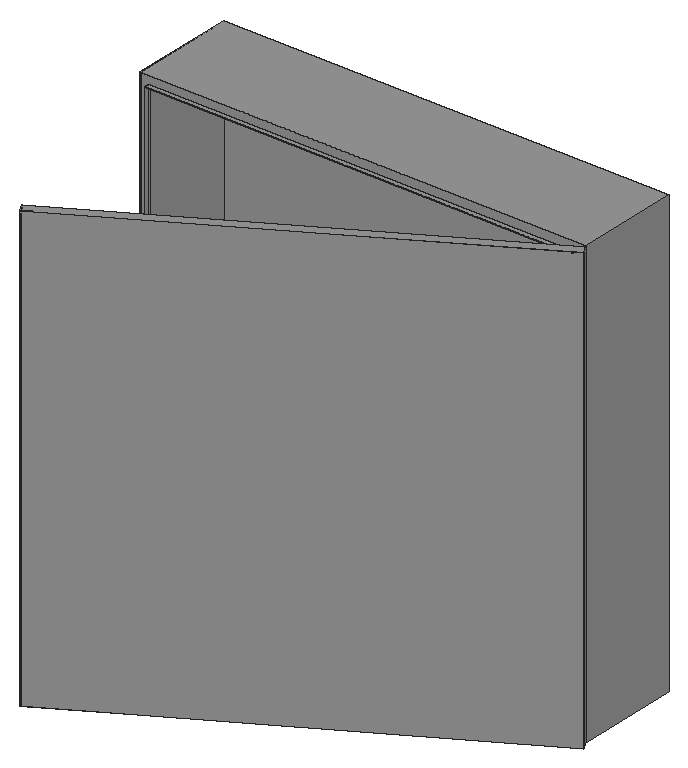
Revit family "Hager-Univers-IP54-D205-H800-Cl.II-Encl-NoHosted-CH-fr", category Electrical Equipment, Revit 2020
Family settings
  Panel Configuration = Two Columns, Circuits Across
  Round Connector Dimension = Use Diameter
  Part Type = Panelboard
  Work Plane-Based = Yes
  Always vertical = Yes
  Cut with Voids When Loaded = No
  Shared = No
  Room Calculation Point = No
Parameters (values of type "saillie IP54 L800 H800 P205  - FP53QSW")
  Width Control [instance] = if([EF000008 - largeur] > Min Width, [EF000008 - largeur], Min Width)  # 800 mm
  Type Comments = [HG000003 - Gamme]  # "Univers"
  Thickness Door [instance] = if([EF009171 - épaisseur de matériau de la porte/du couvercle] > 3 mm, 3 mm, [EF009171 - épaisseur de matériau de la porte/du couvercle])  # 1 mm
  Seal Frame Offset [instance] = 17 mm  # constant formula
  Plinth Visibility [instance] = [HG000027 - Hauteur du socle] > 0 mm  # no
  Min Width [instance] = 100 mm  # constant formula
  Min Depth [instance] = (2 * [EF009170 - épaisseur de matériau du boîtier]) + 1 mm  # 3 mm
  Min Height [instance] = 100 mm  # constant formula
  Internal Frame Depth [instance] = (Door System Depth * 0.5)  # 9 mm
  Panel Name [instance] = ""  # (empty or 0)
  Model = ""
  HG000027 - Hauteur du socle = 0 mm
  HG000026 - Installation au sol = no
  HG000024 - Hauteur de la section basse = 600 mm
  HG000023 - Armoire double section = no
  HG000016 - Visibilité de la porte 3D [instance] = yes
  HG000015 - Visibilité de l'emprise de la porte [instance] = no
  HG000014 - Porte à droite [instance] = yes
  HG000013 - Porte à gauche [instance] = not([HG000014 - Porte à droite])  # no
  HG000012 - Angle de pivotement de la porte [instance] = 30.00°
  HG000010 - Portes asymétriques = no
  HG000009 - Porte à double battant = no
  HG000006 - Encastré = no
  HG000004 - Référence fabricant = "FP53QSW"
  HG000003 - Gamme = "Univers"
  HG000002 - avec porte = yes
  Frame Offset Bottom [instance] = 10 mm  # constant formula
  Frame Offset [instance] = 15 mm  # constant formula
  EF015940 - couvercle avec décharge de pression = no
  EF011959 - degré de protection (NEMA) = ""
  EF009554 - nombre d'ouvertures pour plaques à bride = 6
  EF009212 - finition du couvercle = "EV000116 - fermé"
  EF009171 - épaisseur de matériau de la porte/du couvercle = 1 mm
  EF009170 - épaisseur de matériau du boîtier = 1 mm
  EF008873 - courant nominal (In) = 250 A
  EF007800 - adapté à un parafoudre = no
  EF006306 - avec serrure = no
  EF006244 - couvercle/porte transparent(e) = no
  EF005474 - indice de protection (IP) = "EV006419 - IP54"
  EF004464 - type de porte = "EV002646 - unique"
  EF004427 - nombre de modules = 180
  EF004293 - indice de protection contre les chocs (IK) = "EV006815 - IK09"
  EF003532 - convient pour utilisation à l’extérieur = no
  EF002950 - largeur en nombre de modules = 36
  EF001613 - maintien de fonction = "EV000494 - sans"
  EF001596 - matériau du boîtier/corps = "EV000179 - acier"
  EF001131 - profondeur intérieure = 143 mm
  EF001088 - possibilité de montage en saillie = yes
  EF000437 - nombre d'entrées de conduit = 6
  EF000339 - type de capot = "EV001012 - couvercle"
  EF000266 - nombre de rangées = 5
  EF000218 - profondeur d'encastrement = 0 mm
  EF000118 - avec cadre/support de montage = no
  EF000116 - numéro RAL = "9010"
  EF000049 - profondeur = 205 mm
  EF000040 - hauteur = 800 mm
  EF000008 - largeur = 800 mm
  EF000007 - couleur = "EV000202 - blanc"
  EF000003 - mode de pose = "EV000384 - saillie"
  Door System Leaf Tolerance [instance] = 1.5 mm  # constant formula
  Door System Depth [instance] = 18 mm  # constant formula
  Door Height [instance] = Height Control - [HG000027 - Hauteur du socle]  # 800 mm
  Description = ""
  Default Elevation = 1219.2 mm
  Connector Offset [instance] = Height Control / 2  # 400 mm
  Manufacturer = "Hager"  # constant formula
  Height Control [instance] = if([EF000040 - hauteur] > Min Height, [EF000040 - hauteur], Min Height)  # 800 mm
  Depth Control [instance] = if([EF000049 - profondeur] > Min Depth, [EF000049 - profondeur], Min Depth)  # 205 mm
  Bottom Top Plate Trim [instance] = 1.5 mm  # constant formula
  Plinth height Ctrl [instance] = if([HG000027 - Hauteur du socle] > 0 mm, [HG000027 - Hauteur du socle], 12 mm)  # 12 mm
Types (4, lengths in mm): name | Width Control | HG000004 - Référence fabricant | EF009554 - nombre d'ouvertures pour plaques à bride | EF004464 - type de porte | EF004427 - nombre de modules | EF002950 - largeur en nombre de modules | EF001131 - profondeur intérieure | EF000437 - nombre d'entrées de conduit | EF000339 - type de capot | EF000008 - largeur
  saillie IP54 L1050 H800 P205  - FP54QSW | 1050 | "FP54QSW" | 8 | "EV003602 - double" | 240 | 48 | 130 | 8 | "EV004216 - porte" | 1050
  saillie IP54 L300 H800 P205  - FP51QSW | 300 | "FP51QSW" | 2 | "EV002646 - unique" | 60 | 12 | 130 | 2 | "EV001012 - couvercle" | 300
  saillie IP54 L550 H800 P205  - FP52QSW | 550 | "FP52QSW" | 4 | "EV002646 - unique" | 120 | 24 | 143 | 4 | "EV001012 - couvercle" | 550
  saillie IP54 L800 H800 P205  - FP53QSW | 800 | "FP53QSW" | 6 | "EV002646 - unique" | 180 | 36 | 143 | 6 | "EV001012 - couvercle" | 800
Reference planes
  plane 1 "Center (Front/Back)": y = 0
  plane 2: z = 0
  plane 3 "Center (Left/Right)": x = 0
  plane 4: y = 0
  plane 5: y = 0
  plane 6: z = 0
  plane 7: x = -400
  plane 8: x = 400
  plane 9: x = 399
  plane 10: x = -399
  plane 11: z = 0
  plane 12: z = 1
  plane 13: y = -205
  plane 14: y = -1
  plane 15: x = 0
  plane 16: y = -187
  plane 17: y = -204
  plane 18: y = -186
  plane 19: x = -384
  plane 20: x = 384
  plane 21: z = 11
  plane 22: x = -383
  plane 23: x = 383
  plane 24: z = 0
  plane 25: z = 800
  plane 26: z = 800
  plane 27: z = 784
  plane 28: z = 799
Forms (mm)
  Extrusion 1, solid, material "Hager_Steel_RAL7035_Light_Grey", detail levels medium+fine
    sketch origin (-208.679, -4572, 0) x (-1, 0, 0) y (0, -1, 0)
      loop
        line (191.321, -4385) -> (-608.679, -4385) -> (-608.679, -4572) -> (191.321, -4572) -> (191.321, -4385)
    from 0 to 800
  Extrusion 2, void
    sketch origin (-350.771, -205, 1219.2) x (1, 0, 0) y (0, 0, 1)
      loop
        line (-48.229, -420.2) -> (-48.229, -1218.2) -> (749.771, -1218.2) -> (749.771, -420.2) -> (-48.229, -420.2)
    from -19 to -204
  Extrusion 3, void
    sketch origin (-290.084, -187, 1219.2) x (1, 0, 0) y (0, 0, 1)
      loop
        line (-93.916, -1208.2) -> (674.084, -1208.2) -> (674.084, -435.2) -> (-93.916, -435.2) -> (-93.916, -1208.2)
    from 0 to -1
  Extrusion 4, solid, material "Hager_Steel_RAL7035_Light_Grey", visible <- "Plinth Visibility", detail levels medium+fine
    sketch origin (0, 0, 0) x (1, 0, 0) y (0, 1, 0)
      loop
        line (-400, 0) -> (-400, -187) -> (400, -187) -> (400, 0) -> (-400, 0)
    from 0 to 12 <- "Plinth height Ctrl"
  Extrusion 5, solid, material "Hager_Steel_RAL7035_Light_Grey", detail levels coarse
    sketch origin (0, 0, 0) x (1, 0, 0) y (0, 1, 0)
      loop
        line (-400, 0) -> (-400, -205) -> (400, -205) -> (400, 0) -> (-400, 0)
    from 0 to 800 <- "Height Control"
  Sweep 6, void
    path in 3D
      loop
        line (-400, -187, 12) -> (400, -187, 12) -> (400, 0, 12) -> (-400, 0, 12) -> (-400, -187, 12)
    profile origin (-400, -93.5, 12) x (1, 0, 0) y (0, 0, 1)
      loop
        line (0, 0) -> (0, -1.5) -> (1.5, -1.5)
        arc (1.5, -1.5) -> (1.061, -0.439) -> (0, 0) r 1.5
  Extrusion 7, solid, material "Hager_Steel_RAL7035_Light_Grey", detail levels fine
    sketch origin (-400, -187, 0) x (1, 0, 0) y (0, 0, 1)
      loop
        line (16, 11) -> (784, 11) -> (784, 784) -> (16, 784) -> (16, 11)
      loop
        line (15, 10) -> (785, 10) -> (785, 785) -> (15, 785) -> (15, 10)
    from 0 to 9 <- "Internal Frame Depth"
Cuts and joins
  Extrusion 2, Extrusion 3 cuts Extrusion 1
  Sweep 6 cuts Extrusion 4
Lines and regions (mm)
  Masking region 1
    outline origin (0, 0, 0) x (1, 0, 0) y (0, 1, 0)
      loop
        line (-400, 0) -> (-400, -205) -> (400, -205) -> (400, 0) -> (-400, 0)
  Masking region 2, detail levels coarse
    outline origin (-290.084, -187, 1219.2) x (-1, 0, 0) y (0, 0, 1)
      loop
        line (-690.084, -1219.2) -> (109.916, -1219.2) -> (109.916, -419.2) -> (-690.084, -419.2) -> (-690.084, -1219.2)
  Masking region 3, detail levels coarse
    outline origin (0, 0, 0) x (0, 1, 0) y (0, 0, 1)
      loop
        line (0, 0) -> (0, 800) -> (-205, 800) -> (-205, 0) -> (0, 0)
  Masking region 4, visible <- "Plinth Visibility", detail levels medium+fine
    outline origin (0, 0, 0) x (0, 1, 0) y (0, 0, 1)
      loop
        line (-1.5, 12) -> (-185.5, 12)
        arc (-185.5, 12) -> (-185.939, 10.939) -> (-187, 10.5) r 1.5
        line (-187, 10.5) -> (-187, 0) -> (0, 0) -> (0, 10.5)
        arc (0, 10.5) -> (-1.061, 10.939) -> (-1.5, 12) r 1.5
  Masking region 5, detail levels medium+fine
    outline origin (0, 0, 594.038) x (0, 1, 0) y (0, 0, 1)
      loop
        line (0, -594.038) -> (0, 205.962) -> (-187, 205.962) -> (-187, -594.038) -> (0, -594.038)
  Masking region 6, detail levels medium+fine
    outline origin (-359.7, -187, 1211.883) x (-1, 0, 0) y (0, 0, 1)
      loop
        line (-759.7, -1211.883) -> (40.3, -1211.883) -> (40.3, -411.883) -> (-759.7, -411.883) -> (-759.7, -1211.883)
  Masking region 7, visible <- "Plinth Visibility", detail levels medium+fine
    outline origin (-320.334, -187, 1041.368) x (-1, 0, 0) y (0, 0, 1)
      loop
        line (-720.334, -1041.368) -> (79.666, -1041.368) -> (79.666, -1030.868)
        arc (79.666, -1030.868) -> (78.606, -1030.429) -> (78.166, -1029.368) r 1.5
        line (78.166, -1029.368) -> (-718.834, -1029.368)
        arc (-718.834, -1029.368) -> (-719.273, -1030.429) -> (-720.334, -1030.868) r 1.5
        line (-720.334, -1030.868) -> (-720.334, -1041.368)
  sketch lines
    curve 1: line (-400, 0, 12) -> (-400, -187, 12)
    curve 2: line (-400, -187, 12) -> (400, -187, 12)
    curve 3: line (400, 0, 12) -> (-400, 0, 12)
    curve 4: line (400, -187, 12) -> (400, 0, 12)
Dimensions and locks
  locked: plane 1 "Center (Front/Back)" to plane 5
  "EF009170 - épaisseur de matériau du boîtier": plane 7 to plane 10
  "EF009170 - épaisseur de matériau du boîtier": plane 8 to plane 9
  equal spacing: plane 7, plane 3 "Center (Left/Right)", plane 8
  "Width Control": plane 7 to plane 8
  "Depth Control": plane 4 to plane 13
  "EF009170 - épaisseur de matériau du boîtier": plane 4 to plane 14
  "Height Control": plane 25 to level
  "HG000027 - Hauteur du socle": plane 11 to level
  "EF009170 - épaisseur de matériau du boîtier": plane 12 to plane 11
  "EF009170 - épaisseur de matériau du boîtier": plane 17 to plane 13
  "EF009170 - épaisseur de matériau du boîtier": plane 18 to plane 16
  "Frame Offset Bottom": plane 21 to plane 12
  "Frame Offset": plane 10 to plane 19
  "Frame Offset": plane 9 to plane 20
  "Door System Depth": plane 16 to plane 13
  "Seal Frame Offset": plane 7 to plane 22
  "Seal Frame Offset": plane 8 to plane 23
  "EF009170 - épaisseur de matériau du boîtier": plane 26 to plane 28
  "Frame Offset": plane 28 to plane 27
  "Connector Offset": plane 2 to connector elem
  "Bottom Top Plate Trim": profile plane to Sweep 6 sketch curve
  "Bottom Top Plate Trim": Sweep 6 sketch curve to Sweep 6 sketch curve
  "Plinth height Ctrl": Masking region 4 sketch curve to level
  "Plinth height Ctrl": Masking region 7 sketch curve to level
  "Thickness Door": Extrusion 7 sketch curve to Extrusion 7 sketch curve  (x4)
  "Bottom Top Plate Trim": radius of Sweep 6 sketch curve
  "Bottom Top Plate Trim": radius of Masking region 4 sketch curve  (x2)
  "Bottom Top Plate Trim": radius of Masking region 7 sketch curve  (x2)
  aligned and locked: Extrusion 2 sketch curve to plane 12
  aligned and locked: Extrusion 2 sketch curve to plane 9
  aligned and locked: Extrusion 2 sketch curve to plane 10
  aligned and locked: Extrusion 2 to plane 14
  aligned and locked: Extrusion 1 sketch curve to plane 4
  aligned and locked: plane 8 to Extrusion 1 sketch curve
  aligned and locked: plane 7 to Extrusion 1 sketch curve
  aligned and locked: Extrusion 2 to plane 18
  aligned and locked: Extrusion 3 sketch curve to plane 19
  aligned and locked: plane 20 to Extrusion 3 sketch curve
  aligned and locked: Extrusion 3 to Extrusion 2
  aligned and locked: Extrusion 3 sketch curve to plane 21
  aligned and locked: plane 3 "Center (Left/Right)" to nested 1
  aligned and locked: Extrusion 1 sketch curve to plane 16
  aligned and locked: Extrusion 4 sketch curve to cut or joined group of Extrusion 1, Extrusion 2, Extrusion 3
  aligned and locked: Masking region 1 sketch curve to plane 7
  aligned and locked: Masking region 1 sketch curve to plane 5
  aligned and locked: Masking region 1 sketch curve to plane 8
  aligned and locked: Masking region 2 sketch curve to level
  aligned and locked: level to Masking region 3 sketch curve
  aligned and locked: plane 1 "Center (Front/Back)" to Masking region 3 sketch curve
  aligned and locked: plane 13 to Masking region 3 sketch curve
  aligned and locked: plane 5 to Masking region 4 sketch curve
  aligned and locked: Masking region 2 sketch curve to plane 8
  aligned and locked: Masking region 2 sketch curve to plane 7
  aligned and locked: plane 7 to nested 2
  aligned and locked: nested 2 to plane 5
  aligned and locked: plane 5 to Masking region 5 sketch curve
  aligned and locked: plane 26 to Masking region 5 sketch curve
  aligned and locked: Extrusion 5 sketch curve to plane 8
  aligned and locked: Extrusion 5 sketch curve to plane 7
  aligned and locked: Extrusion 5 sketch curve to plane 5
  aligned and locked: Extrusion 3 sketch curve to plane 27
  aligned and locked: Extrusion 2 sketch curve to plane 28
  aligned and locked: Masking region 2 to plane 25
  aligned and locked: Extrusion 4 to plane 16
  aligned and locked: profile plane to Sweep 6 sketch curve
  aligned and locked: Masking region 5 sketch curve to plane 24
  aligned and locked: level to Masking region 4 sketch curve
  aligned and locked: Masking region 1 to plane 13
  aligned and locked: nested 1 to plane 16
  aligned and locked: Masking region 3 to plane 25
  aligned and locked: plane 16 to Masking region 4 sketch curve
  aligned and locked: Masking region 5 sketch curve to plane 16
  aligned and locked: plane 24 to plane 11
  aligned and locked: plane 26 to plane 25
  aligned and locked: plane 26 to cut or joined group of Extrusion 1, Extrusion 2, Extrusion 3
  aligned and locked: nested 1 to plane 24
  aligned and locked: Extrusion 1 to Extrusion 3
  aligned and locked: Masking region 6 sketch curve to plane 8
  aligned and locked: Masking region 6 sketch curve to plane 24
  aligned and locked: Masking region 6 sketch curve to plane 7
  aligned and locked: Masking region 6 sketch curve to plane 26
  aligned and locked: Masking region 7 sketch curve to plane 7
  aligned and locked: level to Masking region 7 sketch curve
  aligned and locked: Masking region 7 sketch curve to plane 8
  aligned and locked: Extrusion 7 sketch curve to cut or joined group of Extrusion 1, Extrusion 2, Extrusion 3  (x4)
Automatic sketch dimensions
  plane 19 to Extrusion 3 sketch curve = 0 mm
  Extrusion 3 sketch curve to plane 20 = 0 mm
  Extrusion 3 sketch curve to plane 21 = 0 mm
  Extrusion 4 sketch curve to plane 7 = 0 mm
  Extrusion 4 sketch curve to plane 8 = 0 mm
  Extrusion 4 sketch curve to plane 16 = 0 mm
  Masking region 1 sketch curve to plane 13 = 0 mm
  Masking region 2 sketch curve to plane 25 = 0 mm
  Masking region 3 sketch curve to plane 25 = 0 mm
  Extrusion 5 sketch curve to plane 13 = 0 mm
  profile plane to Sweep 6 sketch curve = 0 mm
Nested families
  nested 1: "EC000058_Univers_Door" at (0, -187, 0), Double <- "HG000009 - Porte à double battant", Transparent <- "EF006244 - couvercle/porte transparent(e)", Angle <- "HG000012 - Angle de pivotement de la porte", Door_Right <- "HG000014 - Porte à droite", Assymetrical <- "HG000010 - Portes asymétriques", Door <- "HG000002 - avec porte", Width_Ctrl <- "Width Control", 3d_Door <- "HG000016 - Visibilité de la porte 3D", Clearance <- "HG000015 - Visibilité de l'emprise de la porte", Door_Left <- "HG000013 - Porte à gauche", Width <- "Width Control", Door_Depth <- "Door System Depth", Leaf_Tolerance <- "Door System Leaf Tolerance", Height <- "Door Height", Lock_Visibility <- "EF006306 - avec serrure", Thickness <- "Thickness Door", type "EC000058_Univers_Door", detail levels medium+fine
    with min_wh 3 mm, Width_Ctrl 800 mm, Width 800 mm, Transparent no, Thickness 1 mm, Seal_Material Hager_Rubber, Lock_Visibility no, Lock_Material Hager_Plastic_RAL9005_Jet_Black, Leaf_Width 800 mm, Leaf_Tolerance_External_Sides 0 mm, Leaf_Tolerance 1.5 mm, Leaf_Offset 0 mm, Leaf_Height 797 mm, Leaf_2_Width 800 mm, Leaf_2_Offset 400 mm, Leaf_1_Width 800 mm, Leaf_1_Offset 400 mm, Height_Ctrl 800 mm, Height 800 mm, Glass_Material Hager_Glass, Double_Clearance_Ctrl no, Double no, Door_Right_Ctrl yes, Door_Right yes, Door_Material Hager_Steel_RAL7035_Light_Grey, Door_Left_Ctrl no, Door_Left no, Door_Depth 18 mm, Door yes, Clearance_Material Hager_Clearance, Clearance_Depth 800 mm, Clearance_Ctrl no, Clearance no, Assymetrical no, Angle 30.00°, 3d_Door yes
  nested 2: "Hager_Enclosure_Symbol" at (-400, 0, 0), Height <- "Depth Control", Width <- "Width Control", type "Hager_Enclosure_Symbol"
    with Width_Ctrl 800 mm, Width 800 mm, Height_Ctrl 205 mm, Height 205 mm, A_Width_Int 13.453 mm, A_Width 161.438 mm, A_Height_Ctrl 179.375 mm, A_Height 179.375 mm
Connectors
  electrical at (0, 0, 400)
    settings: on plane 1 "Center (Front/Back)", index 1, voltage 0 V, apparent load 0 VA, apparent load phase1 0 VA, apparent load phase2 0 VA, apparent load phase3 0 VA, power factor 1, load classification "Other", number of poles 1, system type 30, power factor state 1, is connector primary yes, connector utility no, sub classification motor no, connector description ""
Definition of nested family "EC000058_Univers_Door"
  Parameters (values of type "EC000058_Univers_Door")
    min_wh [instance] = (2 * Thickness) + 1 mm  # 11 mm
    Width_Ctrl [instance] = 400 mm
    Width [instance] = 500 mm
    Transparent [instance] = yes
    Thickness [instance] = 5 mm
    Seal_Material [instance] = none
    Lock_Visibility [instance] = yes
    Lock_Material [instance] = none
    Leaf_Width [instance] = if((Width_Ctrl - 2 * Leaf_Tolerance_External_Sides) > 0 mm, (Width_Ctrl - 2 * Leaf_Tolerance_External_Sides), min_wh)  # 400 mm
    Leaf_Tolerance_External_Sides [instance] = 0 mm  # constant formula
    Leaf_Tolerance [instance] = 1.5 mm
    Leaf_Offset [instance] = 0 mm  # constant formula
    Leaf_Height [instance] = if((Height_Ctrl - 2 * Leaf_Tolerance) > 0 mm, (Height_Ctrl - 2 * Leaf_Tolerance), min_wh)  # 497 mm
    Leaf_2_Width [instance] = if(and(and(Double, Assymetrical), Door_Left), (Leaf_Width / 3) - (Leaf_Tolerance / 2), if(and(and(Double, Assymetrical), Door_Right), (Leaf_Width / 3) * 2 - (Leaf_Tolerance / 2), if(and(Double, not(Assymetrical)), (Leaf_Width / 2) - Leaf_Tolerance, Leaf_Width)))  # 400 mm
    Leaf_2_Offset [instance] = if(and(Double, Assymetrical), Leaf_2_Width / 2, if(and(Double, not(Assymetrical)), Leaf_Width / 4, Leaf_Width / 2))  # 200 mm
    Leaf_1_Width [instance] = if(and(and(Double, Assymetrical), Door_Right), (Leaf_Width / 3) - (Leaf_Tolerance / 2), if(and(and(Double, Assymetrical), Door_Left), (Width / 3) * 2 - (Leaf_Tolerance / 2), if(and(Double, not(Assymetrical)), (Leaf_Width / 2) - Leaf_Tolerance, Leaf_Width)))  # 400 mm
    Leaf_1_Offset [instance] = if(and(Double, Assymetrical), Leaf_1_Width / 2, if(and(Double, not(Assymetrical)), Leaf_Width / 4, Leaf_Width / 2))  # 200 mm
    Height_Ctrl [instance] = if(Height > min_wh, Height, min_wh)  # 500 mm
    Height [instance] = 500 mm
    Glass_Material [instance] = none
    Double_Clearance_Ctrl [instance] = and(Double, Clearance)  # no
    Double [instance] = no
    Door_Right_Ctrl [instance] = and(or(Door_Right, Double), Door)  # yes
    Door_Right [instance] = yes
    Door_Material [instance] = none
    Door_Left_Ctrl [instance] = and(or(Door_Left, Double), Door)  # no
    Door_Left [instance] = no
    Door_Depth [instance] = 30 mm
    Door [instance] = yes
    Default Elevation = 1219.2 mm
    Clearance_Material [instance] = none
    Clearance_Depth [instance] = if(Leaf_1_Width > Leaf_2_Width, Leaf_1_Width, Leaf_2_Width)  # 400 mm
    Clearance_Ctrl [instance] = and(not(Double), Clearance)  # yes
    Clearance [instance] = yes
    Assymetrical [instance] = yes
    Angle [instance] = 30.00°
    3d_Door [instance] = yes
  Reference planes
    plane 1 "Center (Front/Back)": y = 0
    plane 2 "Bottom": z = 0
    plane 3 "Center (Left/Right)": x = 0
    plane 4: z = 500
    plane 5: x = -200
    plane 6: x = 200
    plane 7: z = 500
    plane 8: x = -200
    plane 9: z = 0
    plane 10: x = 200
    plane 11: y = 0
    plane 12: z = 1.5
    plane 13: x = -600
    plane 14: y = -400
    plane 15: x = 600
    plane 16: x = 0
    plane 17: x = 0
    plane 18: x = -200
    plane 19: x = 200
    plane 20: z = 498.5
  Forms (mm)
    Extrusion 1, solid, material <- "Clearance_Material", visible <- "Double_Clearance_Ctrl"
      sketch origin (1200, 0, 0) x (1, 0, 0) y (0, 0, -1)
        loop
          line (-1800, -498.5) -> (-600, -498.5) -> (-600, 0) -> (-1800, 0) -> (-1800, -498.5)
      from 0 to -400
  Dimensions and locks
    equal spacing: plane 5, plane 3 "Center (Left/Right)", plane 6
    "Width_Ctrl": plane 5 to plane 6
    "Leaf_Offset": plane 5 to plane 8
    "Leaf_Offset": plane 6 to plane 10
    "Leaf_Offset": plane 9 to level
    "Leaf_Offset": plane 4 to plane 7
    "Height_Ctrl": plane 4 to level
    "Leaf_Tolerance": plane 12 to plane 9
    locked: plane 11 to plane 1 "Center (Front/Back)"
    "Leaf_1_Offset": plane 18 to plane 16
    "Leaf_2_Offset": plane 17 to plane 19
    "Leaf_1_Width": plane 13 to plane 8
    "Leaf_2_Width": plane 10 to plane 15
    "Clearance_Depth": plane 14 to plane 1 "Center (Front/Back)"
    "Leaf_Tolerance_External_Sides": plane 8 to plane 18
    "Leaf_Tolerance_External_Sides": plane 19 to plane 10
    "Leaf_Tolerance": plane 7 to plane 20
    aligned and locked: level to plane 2 "Bottom"
    aligned and locked: nested 1 to plane 16
    aligned and locked: nested 2 to plane 17
    aligned and locked: Extrusion 1 to plane 13
    aligned and locked: plane 15 to Extrusion 1
    aligned and locked: Extrusion 1 to plane 14
    aligned and locked: plane 12 to nested 1
    aligned and locked: nested 2 to plane 12
    aligned and locked: Extrusion 1 to plane 11
    aligned and locked: plane 20 to Extrusion 1
    aligned and locked: nested 2 to plane 11
    aligned and locked: nested 1 to plane 11
  Automatic sketch dimensions
    Extrusion 1 sketch curve to level = 0 mm
    plane 5 to Extrusion 1 sketch curve = 400 mm
    plane 6 to Extrusion 1 sketch curve = 400 mm
    Extrusion 1 sketch curve to plane 4 = 1.5 mm
  Nested families
    nested 1: "EC000058_Univers_Door_Leaf" at (0, 0, 1.5), Width <- "Leaf_1_Width", visible <- "Door_Left_Ctrl", Leaf_Height <- "Leaf_Height", Angle <- "Angle", 3d_Door <- "3d_Door", Transparent <- "Transparent", Clearance Material <- "Clearance_Material", Clearance <- "Clearance_Ctrl", Door_Material <- "Door_Material", Glass_Material <- "Glass_Material", Door_Depth <- "Door_Depth", Lock_Material <- "Lock_Material", Seal_Material <- "Seal_Material", Lock_Visibility <- "Lock_Visibility", Thickness <- "Thickness", type "EC000058_Univers_Door_Leaf"
      with Width 400 mm, Transparent_Glass_Offset 30 mm, Transparent_Ctrl yes, Transparent yes, Thickness 5 mm, Standard no, Seal_Material none, Seal_D2 8 mm, Seal_D1 1 mm, Offset_Internal_Frame 10 mm, Lock_Width 20 mm, Lock_Visibility_3d yes, Lock_Visibility yes, Lock_Thickness_3 3 mm, Lock_Thickness_2 1 mm, Lock_Thickness_1 3 mm, Lock_Radius_Offset_2 16 mm, Lock_Radius_Offset_1 15 mm, Lock_Radius_2 5 mm, Lock_Radius 6 mm, Lock_Offset 5 mm, Lock_Material none, Lock_Height 80 mm, Lock_Cover_Top_Offset_2d 17 mm, Lock_Cover_Height -65 mm, Leaf_Height 497 mm, Internal_Seal_Thickness 8 mm, Internal_Seal_Depth_2 4.5 mm, Internal_Frame_Depth 25 mm, Glass_Thickness -1 mm, Glass_Offset -2 mm, Glass_Material none, Door_Material none, Door_Depth 30 mm, Clearance Material none, Clearance yes, Angle_Ctrl 30.00°, Angle 30.00°, 3d_Door yes
    nested 2: "EC000058_Univers_Door_Leaf" at (0, 0, 1.5) x (-1, 0, 0) z (0, 0, 1), Width <- "Leaf_2_Width", visible <- "Door_Right_Ctrl", Leaf_Height <- "Leaf_Height", Angle <- "Angle", 3d_Door <- "3d_Door", Transparent <- "Transparent", Clearance Material <- "Clearance_Material", Clearance <- "Clearance_Ctrl", Door_Material <- "Door_Material", Glass_Material <- "Glass_Material", Door_Depth <- "Door_Depth", Lock_Material <- "Lock_Material", Seal_Material <- "Seal_Material", Lock_Visibility <- "Lock_Visibility", Thickness <- "Thickness", type "EC000058_Univers_Door_Leaf"
      with Width 400 mm, Transparent_Glass_Offset 30 mm, Transparent_Ctrl yes, Transparent yes, Thickness 5 mm, Standard no, Seal_Material none, Seal_D2 8 mm, Seal_D1 1 mm, Offset_Internal_Frame 10 mm, Lock_Width 20 mm, Lock_Visibility_3d yes, Lock_Visibility yes, Lock_Thickness_3 3 mm, Lock_Thickness_2 1 mm, Lock_Thickness_1 3 mm, Lock_Radius_Offset_2 16 mm, Lock_Radius_Offset_1 15 mm, Lock_Radius_2 5 mm, Lock_Radius 6 mm, Lock_Offset 5 mm, Lock_Material none, Lock_Height 80 mm, Lock_Cover_Top_Offset_2d 17 mm, Lock_Cover_Height -65 mm, Leaf_Height 497 mm, Internal_Seal_Thickness 8 mm, Internal_Seal_Depth_2 4.5 mm, Internal_Frame_Depth 25 mm, Glass_Thickness -1 mm, Glass_Offset -2 mm, Glass_Material none, Door_Material none, Door_Depth 30 mm, Clearance Material none, Clearance yes, Angle_Ctrl 30.00°, Angle 30.00°, 3d_Door yes
  Definition of nested family "EC000058_Univers_Door_Leaf"
    Parameters (values of type "EC000058_Univers_Door_Leaf")
      Width [instance] = 2000 mm
      Transparent_Glass_Offset [instance] = 30 mm
      Transparent_Ctrl [instance] = and(Transparent, [3d_Door])  # yes
      Transparent [instance] = yes
      Thickness [instance] = 5 mm
      Standard [instance] = and(not(Transparent), [3d_Door])  # no
      Seal_Material [instance] = none
      Seal_D2 [instance] = 8 mm  # constant formula
      Seal_D1 [instance] = 1 mm  # constant formula
      Offset_Internal_Frame [instance] = 10 mm  # constant formula
      Lock_Width [instance] = 20 mm  # constant formula
      Lock_Visibility_3d [instance] = and(Lock_Visibility, [3d_Door])  # yes
      Lock_Visibility [instance] = yes
      Lock_Thickness_3 [instance] = 3 mm  # constant formula
      Lock_Thickness_2 [instance] = 1 mm  # constant formula
      Lock_Thickness_1 [instance] = 3 mm  # constant formula
      Lock_Radius_Offset_2 [instance] = Lock_Radius_Offset_1 + 1 mm  # 16 mm
      Lock_Radius_Offset_1 [instance] = 15 mm  # constant formula
      Lock_Radius_2 [instance] = Lock_Radius - 1 mm  # 5 mm
      Lock_Radius [instance] = 6 mm  # constant formula
      Lock_Offset [instance] = 5 mm  # constant formula
      Lock_Material [instance] = none
      Lock_Height [instance] = 80 mm  # constant formula
      Lock_Cover_Top_Offset_2d [instance] = Lock_Radius_Offset_2 + 1 mm  # 17 mm
      Lock_Cover_Height [instance] = -(Lock_Height - Lock_Radius_Offset_1)  # -65 mm
      Leaf_Height [instance] = 2720.336 mm
      Internal_Seal_Thickness [instance] = 8 mm  # constant formula
      Internal_Seal_Depth_2 [instance] = 4.5 mm  # constant formula
      Internal_Frame_Depth [instance] = if(Door_Depth - Thickness > 5 mm, Door_Depth - Thickness, 5 mm)  # 25 mm
      Glass_Thickness [instance] = if(Thickness > 15 mm, Glass_Offset + 10 mm, -1 mm)  # -1 mm
      Glass_Offset [instance] = if(Thickness > 15 mm, -(Thickness + 10 mm) / 2, -2 mm)  # -2 mm
      Glass_Material [instance] = none
      Door_Material [instance] = none
      Door_Depth [instance] = 30 mm
      Default Elevation = 0 mm
      Clearance Material [instance] = none
      Clearance [instance] = yes
      Angle_Ctrl [instance] = if(Angle > 180.00°, 180.00°, Angle)  # 90.00°
      Angle [instance] = 90.00°
      3d_Door [instance] = yes
    Reference planes
      plane 1 "Center (Front/Back)": y = 0
      plane 2: z = 0
      plane 3 "Center (Left/Right)": x = 0
      plane 4: y = 2000
      plane 5: x = -1000
      plane 6: x = 1000
      plane 7: x = -3000
      plane 8: z = 2720.336
      plane 9: z = 30
      plane 10: z = 2690.336
      plane 11: x = 970
      plane 12: x = -970
      plane 13: y = -3
      plane 14: z = 107.833
      plane 15: y = -5
      plane 16: y = -223.314
      plane 17: x = -1000
      plane 18: z = 1360.168
      plane 19: y = 30
    Forms (mm)
      Extrusion 1, solid, material <- "Clearance Material", visible <- "Clearance"
        sketch origin (0, 0, 0) x (1, 0, 0) y (0, 0, 1)
          loop
            line (-3000, 2720.336) -> (-3000, 0) -> (1000, 0) -> (1000, 2720.336) -> (-3000, 2720.336)
        from 0 to -2000
      Extrusion 2, solid, material <- "Door_Material", visible <- "Standard", detail levels medium+fine
        sketch origin (-1000, 0, 0) x (0, 1, 0) y (-1, 0, 0)
          loop
            line (0, 30) -> (0, 25) -> (2000, 25) -> (2000, 30) -> (0, 30)
        from 0 to 2720.336 <- "Leaf_Height"
      Extrusion 3, solid, material <- "Door_Material", visible <- "Transparent_Ctrl", detail levels medium+fine
        sketch origin (-1000, 0, 0) x (0, 1, 0) y (-1, 0, 0)
          loop
            line (0, 25) -> (2000, 25) -> (2000, 30) -> (0, 30) -> (0, 25)
        from 0 to 2720.336 <- "Leaf_Height"
      Extrusion 4, void
        sketch origin (-1025, 2000, 0) x (0, 1, 0) y (0, 0, -1)
          loop
            line (-30, -2690.336) -> (-30, -30) -> (-1970, -30) -> (-1970, -2690.336) -> (-30, -2690.336)
        from 0 to 5 <- "Thickness"
      Sweep 5, solid, material <- "Seal_Material", visible <- "Transparent_Ctrl", detail levels fine
        path in 3D
          loop
            line (-1025, 30, 30) -> (-1025, 30, 2690.336) -> (-1025, 1970, 2690.336) -> (-1025, 1970, 30) -> (-1025, 30, 30)
        profile origin (-1025, 1000, 30) x (1, 0, 0) y (0, 0, 1)
          loop
            line (0, 0) -> (0, -8) -> (1, -8) -> (1, 0) -> (0, 0)
      Extrusion 6, solid, material <- "Glass_Material", visible <- "Transparent_Ctrl", detail levels medium+fine
        sketch origin (-1030, 0, 0) x (0, 1, 0) y (0, 0, -1)
          loop
            line (1970, -2690.336) -> (1970, -30) -> (30, -30) -> (30, -2690.336) -> (1970, -2690.336)
        from -2 <- "Glass_Offset" to -1 <- "Glass_Thickness"
      Extrusion 7, solid, material <- "Door_Material", visible <- "3d_Door", detail levels medium+fine
        sketch origin (-1025, 2000, 0) x (0, -1, 0) y (0, 0, -1)
          loop
            line (0, -2720.336) -> (2000, -2720.336) -> (2000, 0) -> (0, 0) -> (0, -2720.336)
          loop
            line (1995, -5) -> (5, -5) -> (5, -2715.336) -> (1995, -2715.336) -> (1995, -5)
        from 0 to 25 <- "Internal_Frame_Depth"
      Sweep 8, solid, material <- "Seal_Material", visible <- "Transparent_Ctrl", detail levels fine
        path in 3D
          loop
            line (-1025, 0, 0) -> (-1025, 2000, 0) -> (-1025, 2000, 2720.336) -> (-1025, 0, 2720.336) -> (-1025, 0, 0)
        profile origin (-1025, 0, 1360.168) x (1, 0, 0) y (0, 1, 0)
          loop
            line (0, 10) -> (2.975, 10)
            arc (2.975, 10) -> (4.053, 10.447) -> (4.5, 11.525) r 1.525
            line (4.5, 11.525) -> (4.5, 16.527)
            arc (4.5, 16.527) -> (4.069, 17.569) -> (3.027, 18) r 1.473
            line (3.027, 18) -> (0, 18) -> (0, 10)
      Extrusion 9, solid, material <- "Lock_Material", visible <- "Lock_Visibility_3d", detail levels fine
        sketch origin (-1030, 0, 0) x (0, 1, 0) y (0, 0, -1)
          loop
            arc (1993.5, -1400.168) -> (1994.561, -1399.729) -> (1995, -1398.668) r 1.5
            line (1995, -1398.668) -> (1995, -1320.168) -> (1975, -1320.168) -> (1975, -1398.668)
            arc (1975, -1398.668) -> (1975.439, -1399.729) -> (1976.5, -1400.168) r 1.5
            line (1976.5, -1400.168) -> (1993.5, -1400.168)
        from 3 <- "Lock_Thickness_1" to 0
      Blend 10, solid, material <- "Lock_Material", visible <- "Lock_Visibility_3d", detail levels fine
        base sketch origin (-1033, 0, 0) x (0, 1, 0) y (0, 0, -1)
          loop
            line (1975, -1320.168) -> (1975, -1398.668)
            arc (1975, -1398.668) -> (1975.439, -1399.729) -> (1976.5, -1400.168) r 1.5
            line (1976.5, -1400.168) -> (1993.5, -1400.168)
            arc (1993.5, -1400.168) -> (1994.561, -1399.729) -> (1995, -1398.668) r 1.5
            line (1995, -1398.668) -> (1995, -1320.168) -> (1975, -1320.168)
        top sketch origin (-1033, 0, 0) x (0, 1, 0) y (0, 0, -1)
          loop
            line (1976, -1320.168) -> (1976, -1398.668)
            arc (1976, -1398.668) -> (1976.146, -1399.022) -> (1976.5, -1399.168) r 0.5
            line (1976.5, -1399.168) -> (1993.5, -1399.168)
            arc (1993.5, -1399.168) -> (1993.854, -1399.022) -> (1994, -1398.668) r 0.5
            line (1994, -1398.668) -> (1994, -1320.168) -> (1976, -1320.168)
        from 0 to 1 <- "Lock_Thickness_2"
      Blend 11, solid, material <- "Lock_Material", visible <- "Lock_Visibility_3d", detail levels fine
        base sketch origin (-1034, 0, 0) x (0, 1, 0) y (0, 0, -1)
          loop
            line (1978, -1320.168) -> (1978, -1384.168)
            arc (1978, -1384.168) -> (1985, -1391.168) -> (1992, -1384.168) r 7
            line (1992, -1384.168) -> (1992, -1320.168) -> (1978, -1320.168)
        top sketch origin (-1034, 0, 0) x (0, 1, 0) y (0, 0, -1)
          loop
            line (1991, -1320.168) -> (1979, -1320.168) -> (1979, -1383.168)
            arc (1979, -1383.168) -> (1985, -1389.168) -> (1991, -1383.168) r 6
            line (1991, -1383.168) -> (1991, -1320.168)
        from 0 to 3 <- "Lock_Thickness_3"
      Extrusion 12, solid, material <- "Lock_Material", visible <- "Lock_Visibility_3d", detail levels fine
        sketch origin (-1030, 1975, 1320.168) x (1, 0, 0) y (0, -1, 0)
          loop
            line (-7, -19) -> (-7, -1) -> (0, -1) -> (0, 0) -> (-8, 0) -> (-8, -20) -> (0, -20) -> (0, -19) -> (-7, -19)
        from 0 to -65 <- "Lock_Cover_Height"
      Extrusion 13, void
        sketch origin (-1038, 1995, 1320.168) x (-1, 0, 0) y (0, 0, -1)
          loop
            line (-5, -65) -> (0, -65) -> (-5, -60) -> (-5, -65)
        from 0 to 20 <- "Lock_Width"
      Extrusion 14, void
        sketch origin (-1038, 1975, 1320.168) x (0, -1, 0) y (0, 0, -1)
          loop
            circle (-10, -15.995) r 6
          loop
            circle (-10, -15.995) r 5
        from 0 to 2
      Extrusion 15, solid, material <- "Lock_Material", visible <- "Lock_Visibility_3d", detail levels medium
        sketch origin (-1030, 0, 0) x (0, 1, 0) y (0, 0, -1)
          loop
            arc (1993.5, -1400.168) -> (1994.561, -1399.729) -> (1995, -1398.668) r 1.5
            line (1995, -1398.668) -> (1995, -1320.168) -> (1975, -1320.168) -> (1975, -1398.668)
            arc (1975, -1398.668) -> (1975.439, -1399.729) -> (1976.5, -1400.168) r 1.5
            line (1976.5, -1400.168) -> (1993.5, -1400.168)
        from 8 to 0
    Cuts and joins
      Extrusion 4 cuts Extrusion 3
      Extrusion 13, Extrusion 14 cuts Extrusion 9
      Extrusion 14 cuts Blend 11
      Extrusion 13, Extrusion 14 cuts Extrusion 12
      joined: Extrusion 9, Blend 10, Blend 11, Extrusion 12
      Extrusion 14 cuts Extrusion 15
    Lines and regions (mm)
      Masking region 1, visible <- "Lock_Visibility", detail levels fine
        outline origin (0, 0, 0) x (0, 1, 0) y (0, 0, 1)
          loop
            line (30, 1320.168) -> (33, 1320.168) -> (33, 1400.168) -> (30, 1400.168) -> (30, 1320.168)
      Masking region 2, visible <- "Lock_Visibility", detail levels fine
        outline origin (0, 3.143, 0) x (0, 1, 0) y (0, 0, 1)
          loop
            line (29.857, 1354.168) -> (30.857, 1354.168) -> (30.857, 1366.168) -> (29.857, 1366.168) -> (29.857, 1354.168)
      Masking region 3, detail levels medium+fine
        outline origin (0, 0, 0) x (0, 1, 0) y (0, 0, 1)
          loop
            line (0, 0) -> (30, 0) -> (30, 2720.336) -> (0, 2720.336) -> (0, 0)
      Masking region 4, detail levels medium+fine
        outline origin (0, 0, 0) x (1, 0, 0) y (0, 0, 1)
          loop
            line (-1000, 2720.336) -> (-1000, 0) -> (1000, 0) -> (1000, 2720.336) -> (-1000, 2720.336)
      Masking region 5, visible <- "Lock_Visibility", detail levels fine
        outline origin (-47.116, 0, 0) x (1, 0, 0) y (0, 0, 1)
          loop
            arc (1024.616, 1399.168) -> (1023.556, 1398.729) -> (1023.116, 1397.668) r 1.5
            line (1023.116, 1397.668) -> (1023.116, 1320.168) -> (1041.116, 1320.168) -> (1041.116, 1397.668)
            arc (1041.116, 1397.668) -> (1040.677, 1398.729) -> (1039.616, 1399.168) r 1.5
            line (1039.616, 1399.168) -> (1024.616, 1399.168)
      Masking region 6, visible <- "Lock_Visibility", detail levels medium+fine
        outline origin (-25, 0, 0) x (1, 0, 0) y (0, 0, 1)
          loop
            arc (1001.5, 1400.168) -> (1000.439, 1399.729) -> (1000, 1398.668) r 1.5
            line (1000, 1398.668) -> (1000, 1320.168) -> (1020, 1320.168) -> (1020, 1398.668)
            arc (1020, 1398.668) -> (1019.561, 1399.729) -> (1018.5, 1400.168) r 1.5
            line (1018.5, 1400.168) -> (1001.5, 1400.168)
      Masking region 7, visible <- "Lock_Visibility", detail levels fine
        outline origin (-73.735, 0, 0) x (1, 0, 0) y (0, 0, 1)
          loop
            line (1051.735, 1382.168) -> (1065.735, 1382.168) -> (1065.735, 1384.168)
            arc (1065.735, 1384.168) -> (1058.735, 1391.168) -> (1051.735, 1384.168) r 7
            line (1051.735, 1384.168) -> (1051.735, 1382.168)
      Masking region 8, visible <- "Lock_Visibility", detail levels fine
        outline origin (-73.735, 0, 0) x (1, 0, 0) y (0, 0, 1)
          loop
            line (1052.735, 1382.168) -> (1064.735, 1382.168) -> (1064.735, 1383.168)
            arc (1064.735, 1383.168) -> (1058.735, 1389.168) -> (1052.735, 1383.168) r 6
            line (1052.735, 1383.168) -> (1052.735, 1382.168)
      Masking region 9, visible <- "Lock_Visibility", detail levels fine
        outline origin (-25, 0, 0) x (1, 0, 0) y (0, 0, 1)
          loop
            line (1020, 1320.168) -> (1020, 1382.168) -> (1000, 1382.168) -> (1000, 1320.168) -> (1020, 1320.168)
      Masking region 10, detail levels medium+fine
        outline origin (0, 0, 0) x (1, 0, 0) y (0, 0, 1)
          loop
            circle (985, 1335.144) r 6
      Masking region 11, detail levels fine
        outline origin (0, 0, 0) x (1, 0, 0) y (0, 0, 1)
          loop
            circle (985, 1335.144) r 5
      Masking region 12, visible <- "Lock_Visibility", detail levels fine
        outline origin (0, 12.767, 0) x (0, 1, 0) y (0, 0, 1)
          loop
            line (20.233, 1320.168) -> (21.233, 1320.168) -> (21.233, 1399.168) -> (20.233, 1400.168) -> (20.233, 1320.168)
      Masking region 13, visible <- "Lock_Visibility", detail levels fine
        outline origin (0, 13.767, -10) x (0, 1, 0) y (0, 0, 1)
          loop
            line (20.233, 1330.168) -> (23.233, 1330.168) -> (23.233, 1399.168) -> (20.233, 1402.168) -> (20.233, 1330.168)
      Masking region 14, visible <- "Lock_Visibility", detail levels fine
        outline origin (0, 12.767, -10) x (0, 1, 0) y (0, 0, 1)
          loop
            line (20.233, 1330.168) -> (25.233, 1330.168) -> (25.233, 1399.305) -> (20.233, 1394.305) -> (20.233, 1330.168)
      Masking region 15, visible <- "Lock_Visibility", detail levels medium
        outline origin (0, 0, 0) x (0, 1, 0) y (0, 0, 1)
          loop
            line (30, 1320.168) -> (38, 1320.168) -> (38, 1400.168) -> (30, 1400.168) -> (30, 1320.168)
      Masking region 16, visible <- "Lock_Visibility", detail levels fine
        outline origin (-1000, 0, 0) x (0, 1, 0) y (-1, 0, 0)
          loop
            line (1975, 30) -> (1995, 30) -> (1995, 38) -> (1975, 38) -> (1975, 30)
          loop
            line (1979, 37) -> (1976, 37) -> (1976, 34) -> (1978, 34) -> (1979, 37)
          loop
            line (1994, 37) -> (1991, 37) -> (1992, 34) -> (1994, 34) -> (1994, 37)
      Masking region 17, visible <- "Lock_Visibility", detail levels medium
        outline origin (-1000, 0, 0) x (0, 1, 0) y (-1, 0, 0)
          loop
            line (1975, 30) -> (1995, 30) -> (1995, 38) -> (1975, 38) -> (1975, 30)
      symbolic lines
        curve 1: line (1000, 0, 0) -> (-3000, 0, 0)
        curve 2: arc (1000, 0, 0) -> (-1000, 2000, 0) -> (-3000, 0, 0) r 2000
        curve 4: line (-1030, 0, 0) -> (-1030, 2000, 0)
      reference lines
        curve 3: line (-1000, 0, 0) -> (-1000, 2000, 0)
      symbolic lines, detail levels medium+fine
        curve 5: line (-1030, 2000, 0) -> (-1025, 2000, 0)
        curve 7: line (-1025, 0, 0) -> (-1030, 0, 0)
        curve 8: line (-1025, 0, 0) -> (-1000, 0, 0)
        curve 9: line (-1000, 0, 0) -> (-1000, 2000, 0)
        curve 10: line (-1000, 2000, 0) -> (-1025, 2000, 0)
      symbolic lines, detail levels fine
        curve 6: line (-1025, 2000, 0) -> (-1025, 0, 0)
      sketch lines
        curve 11: line (-1025, 0, 2720.336) -> (-1025, 0, 0)
        curve 12: line (-1025, 2000, 0) -> (-1025, 0, 0)
        curve 13: line (-1025, 2000, 2720.336) -> (-1025, 2000, 0)
        curve 14: line (-1025, 0, 2720.336) -> (-1025, 2000, 2720.336)
        curve 15: line (-1025, 1970, 30) -> (-1025, 30, 30)
        curve 16: line (-1025, 30, 30) -> (-1025, 30, 2690.336)
        curve 17: line (-1025, 1970, 2690.336) -> (-1025, 1970, 30)
        curve 18: line (-1025, 30, 2690.336) -> (-1025, 1970, 2690.336)
      symbolic lines, visible <- "Transparent", detail levels medium+fine
        curve 19: line (-970, 0, 2690.336) -> (970, 0, 2690.336)
        curve 20: line (-970, 0, 30) -> (-970, 0, 2690.336)
        curve 21: line (970, 0, 30) -> (-970, 0, 30)
        curve 22: line (970, 0, 2690.336) -> (970, 0, 30)
    Dimensions and locks
      "Width": plane 1 "Center (Front/Back)" to plane 4
      equal spacing: plane 5, plane 3 "Center (Left/Right)", plane 6
      "Width": plane 5 to plane 6
      "Width": plane 7 to plane 5
      "Leaf_Height": plane 8 to level
      "Width": curve 5 to curve 3
      "Width": curve 3 to curve 3
      plane 8 to plane 10 = 30 mm
      plane 9 to level = 30 mm
      plane 12 to plane 5 = 30 mm
      plane 6 to plane 11 = 30 mm
      Extrusion 1 to Extrusion 4 sketch curve = 30 mm
      "Transparent_Glass_Offset": curve 3 to Extrusion 4 sketch curve
      "Transparent_Glass_Offset": Extrusion 4 sketch curve to cut or joined group of Extrusion 3, Extrusion 4  (x2)
      cut or joined group of Extrusion 3, Extrusion 4 to Extrusion 6 sketch curve = 30 mm
      "Transparent_Glass_Offset": cut or joined group of Extrusion 3, Extrusion 4 to Extrusion 4 sketch curve
      "Thickness": curve 6 to curve 4
      "Thickness": Extrusion 7 sketch curve to Extrusion 7 sketch curve  (x4)
      "Door_Depth": curve 4 to curve 3
      "Offset_Internal_Frame": profile plane to Sweep 8 sketch curve
      "Internal_Seal_Thickness": Sweep 8 sketch curve to Sweep 8 sketch curve
      "Internal_Seal_Depth_2": profile plane to Sweep 8 sketch curve
      "Seal_D1": profile plane to Sweep 5 sketch curve
      "Seal_D2": profile plane to Sweep 5 sketch curve
      "Thickness": Extrusion 2 sketch curve to Extrusion 2 sketch curve
      equal spacing: Extrusion 9 sketch curve, plane 18, Extrusion 9 sketch curve  (x2)
      equal spacing: Masking region 1 sketch curve, plane 18, Masking region 1 sketch curve
      "Lock_Height": Masking region 1 sketch curve to Masking region 1 sketch curve
      "Lock_Radius": Masking region 2 sketch curve to plane 18 to Masking region 2 sketch curve
      Masking region 2 sketch curve to Masking region 1 = 1 mm
      "Door_Depth": plane 19 to plane 1 "Center (Front/Back)"
      "Lock_Thickness_1": Masking region 1 sketch curve to plane 19
      "Lock_Width": Extrusion 9 sketch curve to Extrusion 9 sketch curve
      "Lock_Height": Extrusion 9 sketch curve to Extrusion 9 sketch curve
      "Lock_Offset": cut or joined group of Extrusion 3, Extrusion 4 to Extrusion 9 sketch curve
      equal spacing: plane 8, plane 18, level
      "Lock_Radius_Offset_1": Blend 11 sketch curve to Blend 10
      locked: Blend 10 to Blend 11 sketch curve at 2  (x2)
      locked: var sketch to Blend 11 sketch curve at 1  (x2)
      "Lock_Radius_Offset_2": Blend 11 sketch curve to Blend 10
      locked: Extrusion 12 sketch curve to Extrusion 12 sketch curve at 1  (x3)
      Masking region 6 sketch curve to Masking region 6 sketch curve = 80 mm
      "Lock_Height": Masking region 6 sketch curve to Masking region 6 sketch curve
      "Lock_Width": Masking region 6 sketch curve to Masking region 6 sketch curve
      locked: Masking region 6 to Masking region 5 sketch curve at 1  (x3)
      locked: Masking region 5 to Masking region 7 sketch curve at 2  (x2)
      "Lock_Radius_Offset_1": Masking region 5 to Masking region 7 sketch curve
      "Lock_Radius_Offset_2": Masking region 5 to Masking region 8 sketch curve
      locked: Masking region 7 to Masking region 8 sketch curve at 1  (x2)
      "Lock_Cover_Top_Offset_2d": Masking region 5 to Masking region 9 sketch curve
      equal spacing: Masking region 9, Masking region 10 sketch curve, Masking region 9
      equal spacing: Masking region 9, Masking region 11 sketch curve, Masking region 9
      Extrusion 15 sketch curve to Extrusion 15 sketch curve = 80 mm
      "Lock_Width": Extrusion 15 sketch curve to Extrusion 15 sketch curve
      "Lock_Height": Extrusion 15 sketch curve to Extrusion 15 sketch curve
      equal spacing: Extrusion 15 sketch curve, plane 18, Extrusion 15 sketch curve
      "Lock_Thickness_3": Masking region 13 sketch curve to Masking region 13 sketch curve
      "Lock_Height": Masking region 12 sketch curve to Masking region 12 sketch curve
      locked: Masking region 13 sketch curve to Masking region 1 at 8
      locked: Masking region 14 sketch curve to Masking region 13 at 1
      locked: Masking region 14 sketch curve to Masking region 1 at 10.863
      "Lock_Height": Masking region 15 sketch curve to Masking region 15 sketch curve
      "Lock_Offset": Extrusion 15 sketch curve to cut or joined group of Extrusion 3, Extrusion 4
      "Lock_Offset": plane 6 to Masking region 6 sketch curve
      radius of Sweep 8 sketch curve = 1.525 mm
      radius of Sweep 8 sketch curve = 1.473 mm
      radius of Extrusion 9 sketch curve = 1.5 mm  (x2)
      "Lock_Radius": radius of Extrusion 14 sketch curve
      "Lock_Radius_2": radius of Extrusion 14 sketch curve
      "Lock_Radius": radius of Masking region 10 sketch curve
      "Lock_Radius_2": radius of Masking region 11 sketch curve
      radius of Extrusion 15 sketch curve = 1.5 mm  (x2)
      "Angle_Ctrl": angle plane 1 "Center (Front/Back)" to curve 3
      locked: Masking region 12 sketch curve to Masking region 12 sketch curve (angle 45.00°)
      locked: Masking region 13 sketch curve to Masking region 13 sketch curve (angle 45.00°)
      locked: Masking region 14 sketch curve to Masking region 14 sketch curve (angle 45.00°)
      aligned and locked: level to plane 2
      aligned and locked: Extrusion 1 to curve 1
      aligned and locked: plane 6 to Extrusion 1
      aligned and locked: Extrusion 1 to plane 1 "Center (Front/Back)"
      aligned and locked: plane 4 to Extrusion 1
      aligned and locked: plane 8 to Extrusion 1
      aligned and locked: curve 7 to Extrusion 2 sketch curve
      aligned and locked: curve 5 to Extrusion 2 sketch curve
      aligned and locked: curve 7 to Extrusion 3 sketch curve
      aligned and locked: Extrusion 3 sketch curve to curve 4
      aligned and locked: Extrusion 3 sketch curve to curve 6
      aligned and locked: Extrusion 3 sketch curve to curve 5
      aligned and locked: curve 9 to curve 3
      aligned and locked: Extrusion 7 sketch curve to cut or joined group of Extrusion 3, Extrusion 4  (x4)
      aligned and locked: plane 17 to curve 3
      aligned and locked: plane 1 "Center (Front/Back)" to curve 3
      aligned and locked: plane 17 to plane 5
      aligned and locked: Sweep 8 sketch curve to profile plane
      aligned and locked: Sweep 5 sketch curve to profile plane  (x2)
      aligned and locked: Masking region 1 to Masking region 2 sketch curve
      aligned and locked: plane 19 to Masking region 1 sketch curve
      aligned and locked: plane 1 "Center (Front/Back)" to Masking region 3 sketch curve
      aligned and locked: plane 19 to Masking region 3 sketch curve
      aligned and locked: level to Masking region 3 sketch curve
      aligned and locked: Masking region 3 sketch curve to plane 8
      aligned and locked: plane 17 to Masking region 4 sketch curve
      aligned and locked: level to Masking region 4 sketch curve
      aligned and locked: Masking region 4 sketch curve to plane 8
      aligned and locked: plane 12 to curve 20
      aligned and locked: plane 10 to curve 19
      aligned and locked: plane 11 to curve 22
      aligned and locked: curve 21 to plane 9
      aligned and locked: Extrusion 2 sketch curve to cut or joined group of Extrusion 3, Extrusion 4
      aligned and locked: Blend 10 sketch curve to Extrusion 9  (x4)
      aligned and locked: Extrusion 9 to Blend 10 sketch curve
      aligned and locked: Blend 10 to Blend 11 sketch curve
      aligned and locked: Extrusion 12 sketch curve to Blend 11
      aligned and locked: Extrusion 12 sketch curve to Extrusion 9  (x4)
      aligned and locked: Masking region 5 sketch curve to Masking region 6
      aligned and locked: Masking region 9 sketch curve to Masking region 6  (x3)
      aligned and locked: Masking region 12 sketch curve to Masking region 1
      aligned and locked: Masking region 13 sketch curve to Masking region 1
      aligned and locked: Masking region 12 to Masking region 14
      aligned and locked: Masking region 14 sketch curve to Masking region 1
      aligned and locked: Masking region 15 sketch curve to Masking region 14
      aligned and locked: Masking region 13 sketch curve to Masking region 12
      aligned and locked: Masking region 16 sketch curve to cut or joined group of Extrusion 14, Extrusion 15  (x4)
      aligned and locked: Masking region 16 sketch curve to cut or joined group of Extrusion 9, Blend 10, Blend 11, Extrusion 12, Extrusion 13, Extrusion 14  (x6)
      aligned and locked: cut or joined group of Extrusion 9, Blend 10, Blend 11, Extrusion 12, Extrusion 13, Extrusion 14 to Masking region 16 sketch curve
      aligned and locked: Masking region 17 sketch curve to cut or joined group of Extrusion 14, Extrusion 15  (x3)
      aligned and locked: Masking region 17 sketch curve to cut or joined group of Extrusion 9, Blend 10, Blend 11, Extrusion 12, Extrusion 13, Extrusion 14
      aligned and locked: Masking region 9 to Masking region 8 sketch curve
      aligned and locked: Masking region 9 to Masking region 7 sketch curve
    Automatic sketch dimensions
      plane 1 "Center (Front/Back)" to curve 2 = 0 mm
      curve 2 to plane 5 = 0 mm
      Extrusion 1 sketch curve to level = 0 mm
      Extrusion 1 sketch curve to plane 7 = 0 mm
      Extrusion 1 sketch curve to plane 6 = 0 mm
      Extrusion 1 sketch curve to plane 8 = 0 mm
      Extrusion 3 to Extrusion 6 sketch curve = 30 mm  (x4)
      Masking region 4 sketch curve to plane 6 = 0 mm
      Blend 10 sketch curve to Extrusion 9 = 1.5 mm
      Blend 10 sketch curve to Extrusion 9 = 1 mm
      Extrusion 13 sketch curve to Extrusion 12 = 0 mm  (x2)
      Extrusion 12 to Extrusion 13 sketch curve = 3 mm
      Extrusion 13 sketch curve to Extrusion 12 = 5 mm
      Extrusion 14 sketch curve to Extrusion 14 sketch curve = 0 mm  (x2)
      Extrusion 14 sketch curve to Extrusion 12 = 10 mm
      Extrusion 14 sketch curve to Extrusion 12 = 15.995 mm
      Masking region 5 sketch curve to Masking region 5 sketch curve = 1.5 mm  (x2)
      Masking region 10 sketch curve to plane 18 = 25.024 mm
      Masking region 11 sketch curve to plane 18 = 25.024 mm
      plane 19 to Masking region 14 sketch curve = 3 mm
      Masking region 16 sketch curve to Masking region 16 sketch curve = 3 mm
      curve 4 to curve 3 = 0 mm
      Blend 10 to Blend 11 sketch curve = 0 mm
      Masking region 6 sketch curve to Masking region 6 sketch curve = 1.5 mm  (x2)
      Masking region 6 sketch curve to plane 18 = 40 mm
      plane 19 to Masking region 12 sketch curve = 3 mm
      Masking region 12 sketch curve to Masking region 12 sketch curve = 1 mm
      Masking region 15 sketch curve to plane 19 = 0 mm
      Masking region 15 sketch curve to plane 18 = 40 mm
      radius of Blend 10 sketch curve to Extrusion 9 = 1 mm
Definition of nested family "Hager_Enclosure_Symbol"
  Parameters (values of type "Hager_Enclosure_Symbol")
    Width_Ctrl [instance] = if(Width > 1 mm, Width, 1 mm)  # 102.27 mm
    Width [instance] = 102.27 mm
    Height_Ctrl [instance] = if(Height > 1 mm, Height, 1 mm)  # 66.5 mm
    A_Width_Int [instance] = if(A_Width / 12 > 2 mm, A_Width / 12, 2 mm)  # 4.364 mm
    A_Width [instance] = if(A_Height_Ctrl * 0.9 > 2 mm, A_Height_Ctrl * 0.9, 2 mm)  # 52.369 mm
    A_Height_Ctrl [instance] = if(A_Height > 2 mm, A_Height, 2 mm)  # 58.188 mm
    Height [instance] = 66.5 mm
    A_Height [instance] = Height - (Height / 8)  # 58.188 mm
  Reference planes
    plane 1 "Centre (avant/arrière)": y = 0
    plane 2: z = 0
    plane 3 "Centre (gauche/droite)": x = 0
    plane 4: x = 52.369
    plane 5: y = 33.042
    plane 6: y = 41.77
    plane 7: y = 66.5
    plane 8: x = 26.184
    plane 9: y = 37.406
    plane 10: x = 102.27
    plane 11: y = 66.5
    plane 12: y = 8.313
  Lines and regions (mm)
    Filled region 1, type "Solid_Black", in view "Niveau de réf."
      outline origin (0, 0, 0) x (1, 0, 0) y (0, 1, 0)
        loop
          line (52.369, 66.5) -> (33.188, 54.536) -> (45.365, 45.006) -> (52.369, 66.5)
    Filled region 2, type "Solid_Black", in view "Niveau de réf."
      outline origin (0, 0, 0) x (1, 0, 0) y (0, 1, 0)
        loop
          line (0, 0) -> (102.27, 0) -> (102.27, 66.5) -> (0, 0)
    detail lines, in view "Niveau de réf."
      curve 1: line (0, 8.313, 0) -> (26.184, 41.77, 0)
      curve 2: line (26.184, 41.77, 0) -> (26.184, 33.042, 0)
      curve 3: line (26.184, 33.042, 0) -> (52.369, 66.5, 0)
  Dimensions and locks
    "A_Width": plane 3 "Centre (gauche/droite)" to plane 4
    equal spacing: plane 3 "Centre (gauche/droite)", plane 8, plane 4
    equal spacing: plane 6, plane 9, plane 5
    equal spacing: curve 3, Filled region 1 sketch curve, Filled region 1 sketch curve
    "Height_Ctrl": plane 1 "Centre (avant/arrière)" to plane 11
    "A_Height_Ctrl": plane 11 to plane 12
    equal spacing: plane 11, plane 9, plane 12
    "A_Width_Int": plane 6 to plane 9
    "Width_Ctrl": plane 3 "Centre (gauche/droite)" to plane 10
    angle Filled region 1 sketch curve to curve 3 = 20.00°
    angle curve 3 to Filled region 1 sketch curve = 20.00°
    locked: curve 3 to Filled region 1 sketch curve (angle 90.00°)
    aligned and locked: plane 10 to Filled region 2
    aligned and locked: plane 11 to Filled region 2 sketch curve
    aligned and locked: plane 10 to Filled region 2 sketch curve
    aligned and locked: plane 3 "Centre (gauche/droite)" to curve 1
    aligned and locked: plane 12 to curve 1
    aligned and locked: plane 7 to plane 11
  Automatic sketch dimensions
    Filled region 1 sketch curve to plane 4 = 0 mm
    Filled region 1 sketch curve to plane 7 = 0 mm
    plane 1 "Centre (avant/arrière)" to Filled region 2 sketch curve = 0 mm
    Filled region 2 sketch curve to plane 3 "Centre (gauche/droite)" = 0 mm
    curve 2 to plane 6 = 0 mm
    curve 2 to plane 8 = 0 mm
    curve 3 to plane 4 = 0 mm
    curve 2 to plane 5 = 0 mm
    curve 3 to plane 7 = 0 mm
